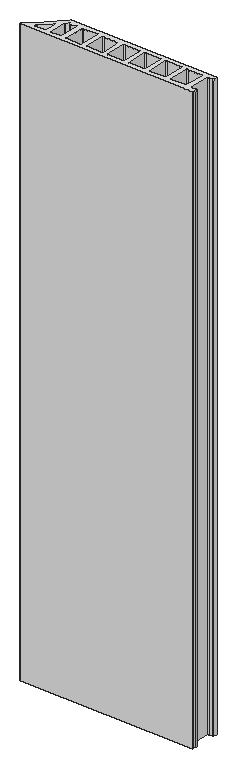
Revit family "ECP_MNY45-10059", category 一般モデル, Revit 2022
Family settings
  鉄筋をホスト可能 = いいえ
  丸型コネクタ寸法 = 直径を使用
  パーツ タイプ = 標準
  作業面ベース = いいえ
  常に垂直 = はい
  ロード時にボイドで切り取り = はい
  注釈の向きを維持 = いいえ
  共有 = いいえ
  部屋計算ポイント = いいえ
Parameters (values of type "ECP_MNY45-10059")
  長さ [instance] = 2000 mm
  穴表示 = yes
  材質 = 40Msr_ECP
  既定の高さ = 0 mm
  既存長さ = 600 mm
  幅 [instance] = 590 mm
  固定寸法 = 590 mm
  厚さ = 100 mm
  メースカット [instance] = 既存長さ - 幅 - 10 mm  # 0 mm
  オースカット = 0 mm
  3 メス側カット [instance] = yes
Reference planes
  plane 1 "中心(正面/背面)": y = 0
  plane 2: z = 0
  plane 3 "中心(左/右)": x = 0
  plane 4: y = -50
  plane 5: y = 50
  plane 6: z = 2000
  plane 7: x = 590
Forms (mm)
  Extrusion 1, solid, material "40Msr_ECP" <- "材質", detail levels fine
    sketch origin (0, 0, 0) x (1, 0, 0) y (0, 1, 0)
      loop
        line (2, -50) -> (588, -50) -> (590, -48) -> (590, -38)
        arc (590, -38) -> (589.121, -35.879) -> (587, -35) r 3
        line (587, -35) -> (573, -35)
        arc (573, -35) -> (570.879, -34.121) -> (570, -32) r 3
        line (570, -32) -> (570, 32)
        arc (570, 32) -> (570.879, 34.121) -> (573, 35) r 3
        line (573, 35) -> (587, 35)
        arc (587, 35) -> (589.121, 35.879) -> (590, 38) r 3
        line (590, 38) -> (590, 48) -> (588, 50) -> (95, 50) -> (70, 25) -> (70, 22.172) -> (47.828, 0) -> (45, 0) -> (0, -45) -> (0, -48) -> (2, -50)
    from 0 to 2000
  Extrusion 2, void
    sketch origin (-50, 0, 0) x (1, 0, 0) y (0, 1, 0)
      loop
        line (640, -50) -> (650, -50) -> (650, 50) -> (640, 50) -> (640, -50)
    from 0 to 2000
  Extrusion 3, void
    sketch origin (-617, 0, 0) x (1, 0, 0) y (0, 1, 0)
      loop
        line (746, -32) -> (746, 32)
        arc (746, 32) -> (745.122, 34.121) -> (743, 35) r 3
        line (743, 35) -> (719.456, 35)
        arc (719.456, 35) -> (718.308, 34.772) -> (717.335, 34.121) r 3
        line (717.335, 34.121) -> (708.879, 25.665)
        arc (708.879, 25.665) -> (708.229, 24.692) -> (708, 23.544) r 3
        line (708, 23.544) -> (708, -32)
        arc (708, -32) -> (708.879, -34.121) -> (711, -35) r 3
        line (711, -35) -> (743, -35)
        arc (743, -35) -> (745.122, -34.121) -> (746, -32) r 3
      loop
        line (764, -35) -> (814, -35)
        arc (814, -35) -> (816.122, -34.121) -> (817, -32) r 3
        line (817, -32) -> (817, 32)
        arc (817, 32) -> (816.122, 34.121) -> (814, 35) r 3
        line (814, 35) -> (764, 35)
        arc (764, 35) -> (761.879, 34.121) -> (761, 32) r 3
        line (761, 32) -> (761, -32)
        arc (761, -32) -> (761.879, -34.121) -> (764, -35) r 3
      loop
        line (835, -35) -> (885, -35)
        arc (885, -35) -> (887.122, -34.121) -> (888, -32) r 3
        line (888, -32) -> (888, 32)
        arc (888, 32) -> (887.122, 34.121) -> (885, 35) r 3
        line (885, 35) -> (835, 35)
        arc (835, 35) -> (832.879, 34.121) -> (832, 32) r 3
        line (832, 32) -> (832, -32)
        arc (832, -32) -> (832.879, -34.121) -> (835, -35) r 3
      loop
        line (906, -35) -> (956, -35)
        arc (956, -35) -> (958.122, -34.121) -> (959, -32) r 3
        line (959, -32) -> (959, 32)
        arc (959, 32) -> (958.122, 34.121) -> (956, 35) r 3
        line (956, 35) -> (906, 35)
        arc (906, 35) -> (903.879, 34.121) -> (903, 32) r 3
        line (903, 32) -> (903, -32)
        arc (903, -32) -> (903.879, -34.121) -> (906, -35) r 3
      loop
        line (977, -35) -> (1027, -35)
        arc (1027, -35) -> (1029.122, -34.121) -> (1030, -32) r 3
        line (1030, -32) -> (1030, 32)
        arc (1030, 32) -> (1029.122, 34.121) -> (1027, 35) r 3
        line (1027, 35) -> (977, 35)
        arc (977, 35) -> (974.879, 34.121) -> (974, 32) r 3
        line (974, 32) -> (974, -32)
        arc (974, -32) -> (974.879, -34.121) -> (977, -35) r 3
      loop
        line (1048, -35) -> (1098, -35)
        arc (1098, -35) -> (1100.122, -34.121) -> (1101, -32) r 3
        line (1101, -32) -> (1101, 32)
        arc (1101, 32) -> (1100.122, 34.121) -> (1098, 35) r 3
        line (1098, 35) -> (1048, 35)
        arc (1048, 35) -> (1045.879, 34.121) -> (1045, 32) r 3
        line (1045, 32) -> (1045, -32)
        arc (1045, -32) -> (1045.879, -34.121) -> (1048, -35) r 3
      loop
        line (1119, -35) -> (1169, -35)
        arc (1169, -35) -> (1171.122, -34.121) -> (1172, -32) r 3
        line (1172, -32) -> (1172, 32)
        arc (1172, 32) -> (1171.122, 34.121) -> (1169, 35) r 3
        line (1169, 35) -> (1119, 35)
        arc (1119, 35) -> (1116.879, 34.121) -> (1116, 32) r 3
        line (1116, 32) -> (1116, -32)
        arc (1116, -32) -> (1116.879, -34.121) -> (1119, -35) r 3
      loop
        arc (693, 2.544) -> (691.148, 5.316) -> (687.879, 4.665) r 3
        line (687.879, 4.665) -> (655.879, -27.335)
        arc (655.879, -27.335) -> (655.229, -28.308) -> (655, -29.456) r 3
        line (655, -29.456) -> (655, -32)
        arc (655, -32) -> (655.879, -34.121) -> (658, -35) r 3
        line (658, -35) -> (690, -35)
        arc (690, -35) -> (692.122, -34.121) -> (693, -32) r 3
        line (693, -32) -> (693, 2.544)
    from 0 to 2000
Cuts and joins
  Extrusion 2, Extrusion 3 cuts Extrusion 1
Lines and regions (mm)
  symbolic lines, style "ECPパネル", detail levels coarse+medium
    curve 1: line (95, 50, 0) -> (590, 50, 0)
    curve 2: line (590, -50, 0) -> (2, -50, 0)
    curve 3: line (590, 50, 0) -> (590, -50, 0)
    curve 4: line (0, 0, 0) -> (590, 0, 0)
    curve 5: line (0, 0, 2000) -> (0, 0, 0)
    curve 6: line (590, 0, 2000) -> (0, 0, 2000)
    curve 7: line (590, 0, 0) -> (590, 0, 2000)
    curve 8: line (0, -50, 2000) -> (0, 50, 2000)
    curve 9: line (0, -50, 0) -> (0, -50, 2000)
    curve 10: line (0, 50, 0) -> (0, -50, 0)
    curve 11: line (0, 50, 2000) -> (0, 50, 0)
    curve 12: line (45, 0, 0) -> (47.828, 0, 0)
    curve 13: line (0, -45, 0) -> (0, -48, 0)
    curve 14: line (45, 0, 0) -> (0, -45, 0)
    curve 15: line (70, 22.172, 0) -> (47.828, 0, 0)
    curve 16: line (70, 25, 0) -> (70, 22.172, 0)
    curve 17: line (95, 50, 0) -> (70, 25, 0)
    curve 18: line (0, -48, 0) -> (2, -50, 0)
Dimensions and locks
  "厚さ": plane 4 to plane 5
  "長さ": plane 6 to level
  equal spacing: plane 4, plane 1 "中心(正面/背面)", plane 5
  "長さ": cut or joined group of Extrusion 1, Extrusion 2, Extrusion 3 to level
  "長さ": Extrusion 2 to level
  "幅": cut or joined group of Extrusion 1, Extrusion 2, Extrusion 3 to curve 7
  "長さ": level to Extrusion 3
  "幅": plane 3 "中心(左/右)" to plane 7
  "固定寸法": plane 3 "中心(左/右)" to cut or joined group of Extrusion 1, Extrusion 2, Extrusion 3
  "メースカット": Extrusion 2 sketch curve to cut or joined group of Extrusion 1, Extrusion 2, Extrusion 3
  "既存長さ": plane 3 "中心(左/右)" to Extrusion 2
  aligned and locked: level to plane 2
Automatic sketch dimensions
  curve 10 to level = 0 mm
  curve 10 to plane 4 = 0 mm
  curve 10 to plane 5 = 0 mm
  curve 9 to plane 6 = 0 mm
  curve 6 to plane 3 "中心(左/右)" = 0 mm
  curve 6 to plane 6 = 0 mm
  curve 7 to level = 0 mm
  plane 1 "中心(正面/背面)" to Extrusion 1 sketch curve = 0 mm
  Extrusion 1 sketch curve to plane 1 "中心(正面/背面)" = 22.172 mm
  Extrusion 1 sketch curve to Extrusion 1 sketch curve = 3 mm  (x3)
  Extrusion 1 sketch curve to plane 4 = 2 mm  (x2)
  Extrusion 1 sketch curve to Extrusion 1 sketch curve = 10 mm
  Extrusion 1 sketch curve to Extrusion 1 sketch curve = 2.828 mm  (x2)
  plane 5 to Extrusion 1 sketch curve = 18 mm
  plane 5 to Extrusion 1 sketch curve = 2 mm
  plane 3 "中心(左/右)" to Extrusion 1 sketch curve = 2 mm
  Extrusion 1 sketch curve to Extrusion 1 sketch curve = 25 mm
  Extrusion 1 sketch curve to Extrusion 1 sketch curve = 22.172 mm
  plane 3 "中心(左/右)" to Extrusion 1 sketch curve = 45 mm
  Extrusion 1 sketch curve to plane 3 "中心(左/右)" = 0 mm
  plane 5 to Extrusion 1 sketch curve = 0 mm
  plane 4 to Extrusion 1 sketch curve = 0 mm
  plane 3 "中心(左/右)" to Extrusion 3 sketch curve = 38 mm
  Extrusion 3 sketch curve to plane 4 = 22.666 mm
  Extrusion 3 sketch curve to Extrusion 3 sketch curve = 0.879 mm  (x2)
  Extrusion 3 sketch curve to Extrusion 3 sketch curve = 3 mm  (x23)
  Extrusion 3 sketch curve to Extrusion 3 sketch curve = 0 mm  (x5)
  Extrusion 3 sketch curve to plane 1 "中心(正面/背面)" = 4.666 mm
  Extrusion 3 sketch curve to Extrusion 3 sketch curve = 32 mm  (x3)
  Extrusion 3 sketch curve to Extrusion 3 sketch curve = 2.121 mm  (x3)
  Extrusion 3 sketch curve to Extrusion 3 sketch curve = 15 mm  (x7)
  plane 5 to Extrusion 3 sketch curve = 24.334 mm
  plane 5 to Extrusion 3 sketch curve = 15.879 mm
  Extrusion 3 sketch curve to Extrusion 3 sketch curve = 23.544 mm
  Extrusion 3 sketch curve to plane 4 = 15 mm  (x5)
  Extrusion 3 sketch curve to Extrusion 3 sketch curve = 50 mm  (x10)
  plane 5 to Extrusion 3 sketch curve = 15 mm  (x2)
  Extrusion 3 sketch curve to plane 4 = 18 mm  (x2)
  Extrusion 3 sketch curve to Extrusion 3 sketch curve = 5.544 mm
  plane 5 to Extrusion 3 sketch curve = 18 mm  (x2)
  Extrusion 3 sketch curve to Extrusion 3 sketch curve = 9.334 mm
  Extrusion 1 sketch curve to plane 4 = 18 mm
  Extrusion 1 sketch curve to Extrusion 1 sketch curve = 475 mm
  Extrusion 1 sketch curve to Extrusion 1 sketch curve = 14 mm  (x2)
  Extrusion 1 sketch curve to Extrusion 1 sketch curve = 1 mm
  Extrusion 1 sketch curve to Extrusion 1 sketch curve = 2 mm  (x2)
  plane 4 to Extrusion 2 sketch curve = 0 mm
  plane 5 to Extrusion 2 sketch curve = 0 mm
  Extrusion 2 sketch curve to Extrusion 2 sketch curve = 10 mm
  curve 18 to plane 3 "中心(左/右)" = 0 mm
  plane 4 to curve 2 = 0 mm
  plane 1 "中心(正面/背面)" to curve 12 = 0 mm
  plane 5 to curve 17 = 0 mm
  curve 3 to plane 7 = 0 mm
  plane 3 "中心(左/右)" to curve 2 = 2 mm
  plane 3 "中心(左/右)" to curve 12 = 45 mm
  curve 12 to curve 15 = 2.828 mm
  curve 12 to curve 16 = 22.172 mm
  curve 16 to curve 17 = 25 mm
  curve 13 to plane 4 = 2 mm
  curve 13 to curve 14 = 3 mm
  curve 16 to plane 1 "中心(正面/背面)" = 22.172 mm
  curve 15 to curve 16 = 2.828 mm
